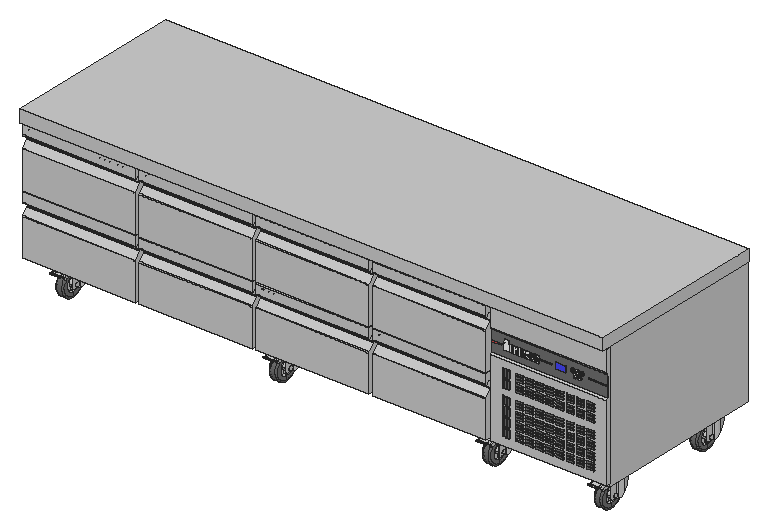
Revit family "QF_INOMAK_PWDP7777_250528083448", category Specialty Equipment, Revit 2021 (continued)
Definition of nested family "QF_INOMAK_REF_COUNTERS_WORKTOPS_44427"
  Types (40, lengths in mm): name | Worktop without backsplash | Worktop with backsplash | Worktop type | Worktop thickness | Without worktop | Model | Length Actual | Description | Depth Actual
    WOWT-1345-600 | no | no | 1 | 46 | yes | "WOWT" | 1342 | "WITHOUT WORKTOP" | 600
    WOWT-1790-600 | no | no | 1 | 46 | yes | "WOWT" | 1792 | "WITHOUT WORKTOP" | 600
    WOWT-2240-600 | no | no | 1 | 46 | yes | "WOWT" | 2242 | "WITHOUT WORKTOP" | 600
    WTWA-1345-600 | no | yes | 2 | 46 | no | "WTWA" | 1342 | "WORKTOP WITH UPSTAND" | 600
    WTWA-1790-600 | no | yes | 2 | 46 | no | "WTWA" | 1792 | "WORKTOP WITH UPSTAND" | 600
    WTWA-2240-600 | no | yes | 2 | 46 | no | "WTWA" | 2242 | "WORKTOP WITH UPSTAND" | 600
    WTWT-1345-600 | yes | no | 3 | 46 | no | "WTWT" | 1342 | "STANDARD WORKTOP" | 600
    WTWT-1790-600 | yes | no | 3 | 46 | no | "WTWT" | 1792 | "STANDARD WORKTOP" | 600
    WTWT-2240-600 | yes | no | 3 | 46 | no | "WTWT" | 2242 | "STANDARD WORKTOP" | 600
    WOWT-1105-700 | no | no | 1 | 46 | yes | "WOWT" | 1103 | "WITHOUT WORKTOP" | 700
    WTWA-1105-700 | no | yes | 2 | 46 | no | "WTWA" | 1103 | "WORKTOP WITH UPSTAND" | 700
    WTWT-1105-700 | yes | no | 3 | 46 | no | "WTWT" | 1103 | "STANDARD WORKTOP" | 700
    WOWT-1545-700 | no | no | 1 | 46 | yes | "WOWT" | 1546 | "WITHOUT WORKTOP" | 700
    WOWT-1995-700 | no | no | 1 | 46 | yes | "WOWT" | 1996 | "WITHOUT WORKTOP" | 700
    WTWA-1545-700 | no | yes | 2 | 46 | no | "WTWA" | 1546 | "WORKTOP WITH UPSTAND" | 700
    WTWA-1995-700 | no | yes | 2 | 46 | no | "WTWA" | 1996 | "WORKTOP WITH UPSTAND" | 700
    WTWT-1545-700 | yes | no | 3 | 46 | no | "WTWT" | 1546 | "STANDARD WORKTOP" | 700
    WTWT-1995-700 | yes | no | 3 | 46 | no | "WTWT" | 1996 | "STANDARD WORKTOP" | 700
    WTWA-1105-600 | no | yes | 2 | 46 | no | "WTWA" | 1103 | "WORKTOP WITH UPSTAND" | 600
    WTWT-1105-600 | yes | no | 3 | 46 | no | "WTWT" | 1103 | "STANDARD WORKTOP" | 600
    WOWT-1105-600 | no | no | 1 | 46 | yes | "WOWT" | 1103 | "WITHOUT WORKTOP" | 600
    WOWT-1545-600 | no | no | 1 | 46 | yes | "WOWT" | 1546 | "WITHOUT WORKTOP" | 600
    WTWA-1545-600 | no | yes | 2 | 46 | no | "WTWA" | 1546 | "WORKTOP WITH UPSTAND" | 600
    WTWT-1545-600 | yes | no | 3 | 46 | no | "WTWT" | 1546 | "STANDARD WORKTOP" | 600
    WTWT-1995-600 | yes | no | 3 | 46 | no | "WTWT" | 1996 | "STANDARD WORKTOP" | 600
    WTWA-1995-600 | no | yes | 2 | 46 | no | "WTWA" | 1996 | "WORKTOP WITH UPSTAND" | 600
    WOWT-1995-600 | no | no | 1 | 46 | yes | "WOWT" | 1996 | "WITHOUT WORKTOP" | 600
  Reference planes
    plane 1 "Back": y = 0
    plane 2: z = 0
    plane 3 "Left": x = 0
    plane 4 "Right": x = 1546
    plane 5 "Front": y = -700
    plane 6 "Top": z = 46
    plane 7 "Backsplash thickness": y = -20
    plane 8 "Worktop bottom": z = 0
    plane 9 "Upright height": z = 106
    plane 10 "Center Left Right": x = 773
  Lines and regions (mm)
    reference lines
      curve 1: line (773, 0, 106) -> (773, -20, 106)
      curve 2: line (0, -700, 46) -> (1546, -700, 46)
      curve 3: line (1546, -700, 46) -> (1546, 0, 46)
      curve 4: line (0, -700, 46) -> (0, 0, 46)
      curve 5: line (0, 0, 46) -> (1546, 0, 46)
      curve 6: line (773, 0, 0) -> (773, -700, 0)
  Dimensions and locks
    "Length Actual": plane 3 "Left" to plane 4 "Right"
    "Depth Actual": plane 5 "Front" to plane 1 "Back"
    "Backsplash thickness": plane 7 "Backsplash thickness" to plane 1 "Back"
    "Worktop thickness": plane 6 "Top" to plane 8 "Worktop bottom"
    "Backsplash height": plane 9 "Upright height" to plane 6 "Top"
    "Backsplash height": curve 1 to plane 6 "Top"
    "Depth Actual": curve 2 to plane 1 "Back"
    "Length Actual": plane 3 "Left" to curve 3
    "Length Actual": curve 4 to plane 4 "Right"
    "Depth Actual": curve 5 to plane 5 "Front"
    equal spacing: plane 3 "Left", plane 10 "Center Left Right", plane 4 "Right"
    "Height AFF": plane 8 "Worktop bottom" to plane 2
    "Height AFF": curve 6 to plane 2
    aligned and locked: level to plane 2
    aligned and locked: plane 3 "Left" to nested 1
    aligned and locked: plane 1 "Back" to nested 1
  Automatic sketch dimensions
    curve 6 to plane 1 "Back" = 0 mm
    curve 1 to plane 1 "Back" = 0 mm
    curve 1 to plane 7 "Backsplash thickness" = 0 mm
    curve 6 to plane 5 "Front" = 0 mm
  Nested families
    nested 1: "Worktop" at (0, 0, 0), Length Actual <- "Length Actual", Depth Actual <- "Depth Actual", Height AFF <- "Height AFF", Worktop thickness <- "Worktop thickness", Backsplash thickness <- "Backsplash thickness", Backsplash height <- "Backsplash height", type "without backsplash"
      with Worktop thickness 46 mm, Length Actual 1546 mm, Height AFF 0 mm, Depth Actual 700 mm, Backsplash thickness 20 mm, Backsplash height 60 mm, Worktop without backsplash no, Worktop with backsplash yes
  Definition of nested family "Worktop"
    Parameters (values of type "with backsplash")
      Worktop without backsplash = no
      Worktop with backsplash = yes
      Worktop thickness [instance] = 40 mm
      Without worktop = no
      URL = ""
      Model = ""
      Manufacturer = ""
      Length Actual [instance] = 1200 mm
      Height AFF [instance] = 860 mm
      Finish = none
      Description = "TABLE WITH BACKSPLASH"
      Depth Actual [instance] = 700 mm
      Default Elevation = 0 mm
      Backsplash thickness [instance] = 20 mm
      Backsplash height [instance] = 100 mm
      Assembly Code = "E1090320"
    Types (3, lengths in mm): name | Worktop without backsplash | Worktop with backsplash | Without worktop
      with backsplash | no | yes | no
      without backsplash | yes | no | no
      without worktop | no | no | yes
    Reference planes
      plane 1 "Back": y = 0
      plane 2: z = 0
      plane 3 "Left": x = 0
      plane 4 "Right": x = 1200
      plane 5 "Front": y = -700
      plane 6 "Top": z = 900
      plane 7 "Backsplash thickness": y = -20
      plane 8 "Worktop bottom": z = 860
      plane 9 "Upright height": z = 1000
      plane 10 "Center Left Right": x = 600
    Forms (mm)
      Extrusion 1, solid, material <- "Finish", visible <- "Worktop with backsplash"
        sketch origin (0, 0, 0) x (0, 1, 0) y (0, 0, 1)
          loop
            line (0, 1000) -> (-20, 1000) -> (-20, 900) -> (-700, 900) -> (-700, 860) -> (0, 860) -> (0, 1000)
        from 0 to 1200
      Extrusion 2, solid, material <- "Finish", visible <- "Worktop without backsplash"
        sketch origin (0, 0, 0) x (0, 1, 0) y (0, 0, 1)
          loop
            line (0, 860) -> (0, 900) -> (-700, 900) -> (-700, 860) -> (0, 860)
        from 0 to 1200
    Lines and regions (mm)
      Masking region 1, visible <- "Worktop with backsplash"
        outline origin (0, 0, 900) x (0, 1, 0) y (-1, 0, 0)
          loop
            line (0, 0) -> (-700, 0) -> (-700, -1200) -> (0, -1200) -> (0, 0)
      Masking region 2, visible <- "Worktop without backsplash"
        outline origin (0, 0, 900) x (0, 1, 0) y (-1, 0, 0)
          loop
            line (0, 0) -> (-700, 0) -> (-700, -1200) -> (0, -1200) -> (0, 0)
      symbolic lines, visible <- "Worktop with backsplash"
        curve 1: line (0, 0, 0) -> (1200, 0, 0)
        curve 2: line (1200, 0, 0) -> (1200, -700, 0)
        curve 3: line (1200, -700, 0) -> (0, -700, 0)
        curve 4: line (0, -700, 0) -> (0, 0, 0)
        curve 5: line (0, -20, 0) -> (1200, -20, 0)
      symbolic lines, visible <- "Worktop without backsplash"
        curve 6: line (0, 0, 0) -> (1200, 0, 0)
        curve 7: line (1200, 0, 0) -> (1200, -700, 0)
        curve 8: line (1200, -700, 0) -> (0, -700, 0)
        curve 9: line (0, -700, 0) -> (0, 0, 0)
      symbolic lines, visible <- "Without worktop"
        curve 10: line (0, 0, 0) -> (1200, 0, 0)
        curve 11: line (1200, 0, 0) -> (1200, -700, 0)
        curve 12: line (1200, -700, 0) -> (0, -700, 0)
        curve 13: line (0, -700, 0) -> (0, 0, 0)
      reference lines
        curve 14: line (600, 0, 1000) -> (600, -20, 1000)
        curve 15: line (0, -700, 900) -> (1200, -700, 900)
        curve 16: line (1200, -700, 900) -> (1200, 0, 900)
        curve 17: line (0, -700, 900) -> (0, 0, 900)
        curve 18: line (0, 0, 900) -> (1200, 0, 900)
        curve 19: line (600, 0, 860) -> (600, -700, 860)
    Dimensions and locks
      "Length Actual": plane 3 "Left" to plane 4 "Right"
      "Depth Actual": plane 5 "Front" to plane 1 "Back"
      "Backsplash thickness": plane 7 "Backsplash thickness" to plane 1 "Back"
      "Worktop thickness": plane 6 "Top" to plane 8 "Worktop bottom"
      "Backsplash height": plane 9 "Upright height" to plane 6 "Top"
      "Backsplash height": curve 14 to plane 6 "Top"
      "Depth Actual": curve 15 to plane 1 "Back"
      "Length Actual": plane 3 "Left" to curve 16
      "Length Actual": curve 17 to plane 4 "Right"
      "Depth Actual": curve 18 to plane 5 "Front"
      equal spacing: plane 3 "Left", plane 10 "Center Left Right", plane 4 "Right"
      "Height AFF": plane 8 "Worktop bottom" to plane 2
      "Height AFF": curve 19 to plane 2
      aligned and locked: level to plane 2
      aligned and locked: Extrusion 1 to plane 4 "Right"
      aligned and locked: Extrusion 1 sketch curve to plane 7 "Backsplash thickness"
      aligned and locked: curve 5 to plane 7 "Backsplash thickness"
      aligned and locked: Extrusion 1 sketch curve to plane 8 "Worktop bottom"
      aligned and locked: plane 9 "Upright height" to Extrusion 1 sketch curve
      aligned and locked: plane 6 "Top" to Extrusion 1 sketch curve
      aligned and locked: plane 6 "Top" to Extrusion 2 sketch curve
      aligned and locked: Extrusion 2 sketch curve to plane 1 "Back"
      aligned and locked: Extrusion 2 sketch curve to plane 8 "Worktop bottom"
      aligned and locked: Extrusion 2 sketch curve to plane 5 "Front"
      aligned and locked: Extrusion 2 to plane 4 "Right"
      aligned and locked: Masking region 1 sketch curve to Extrusion 1  (x4)
      aligned and locked: Masking region 2 sketch curve to Extrusion 1  (x4)
    Automatic sketch dimensions
      plane 1 "Back" to curve 1 = 0 mm
      curve 13 to plane 3 "Left" = 0 mm
      curve 7 to plane 4 "Right" = 0 mm
      curve 13 to plane 5 "Front" = 0 mm
      Extrusion 1 sketch curve to plane 1 "Back" = 0 mm
      Extrusion 1 sketch curve to plane 5 "Front" = 0 mm
      curve 19 to plane 1 "Back" = 0 mm
      curve 14 to plane 1 "Back" = 0 mm
      curve 14 to plane 7 "Backsplash thickness" = 0 mm
      curve 19 to plane 5 "Front" = 0 mm
      curve 16 to plane 5 "Front" = 0 mm
      curve 17 to plane 5 "Front" = 0 mm
      plane 1 "Back" to curve 17 = 0 mm
      plane 1 "Back" to curve 16 = 0 mm
      curve 15 to plane 4 "Right" = 0 mm
      curve 18 to plane 4 "Right" = 0 mm
      curve 18 to plane 3 "Left" = 0 mm
      curve 15 to plane 3 "Left" = 0 mm
Definition of nested family "QF_INOMAK_REF_COUNTERS_CASTORS_46256"
  Parameters (values of type "CT-2240-600")
    Weight [instance] = 0.00 kg
    Warranty Start Date [instance] = ""
    Warranty Duration [instance] = ""
    URL Cutsheet [instance] = ""
    URL = "www.inomak.com"
    Technical Documentation [instance] = ""
    Tag Number [instance] = ""
    Status [instance] = ""
    Specification by User [instance] = ""
    Specification by Manufacturer [instance] = ""
    Sound Level [instance] = ""
    Solid Fuel Type [instance] = ""
    Show Logo [instance] = yes
    Show Clearances [instance] = yes
    Service Life Duration [instance] = ""
    Serial Number [instance] = ""
    Seismic Rating [instance] = ""
    SMACNA No [instance] = ""
    Right offset = 70 mm
    Revision Code [instance] = ""
    Revision [instance] = ""
    Rear offset = 90 mm
    Production Year [instance] = ""
    Point Load [instance] = 0
    Other Equipment Approvals [instance] = ""
    NAFEM Spec ID Number [instance] = ""
    Model Warning [instance] = ""
    Model = "CT"
    Masterspec [instance] = ""
    Manufacturer = "INOMAK"
    Length Actual [instance] = 0 mm
    Length = 2242 mm
    Left offset = 100 mm
    Item Number [instance] = ""
    Installed By [instance] = ""
    Installation Date [instance] = ""
    Identify Quantity as Lot [instance] = yes
    ID [instance] = ""
    Hygiene Approval [instance] = ""
    Height Actual [instance] = 0 mm
    Height = 130 mm
    Furnished By [instance] = ""
    Front offset = 150 mm
    Foodservice Equipment Identifier [instance] = yes
    ETL Approved [instance] = yes
    Description = "WHEELS"
    Depth Actual [instance] = 0 mm
    Depth = 600 mm
    Default Elevation = 0 mm
    CentralLegs = if(Length > 2000 mm, 2 > 1, 2 < 1)  # yes
    CSI MasterFormat [instance] = ""
    CE Approved [instance] = yes
    Barcode [instance] = ""
    Author [instance] = ""
    Asset Identifier [instance] = ""
    Assembly Code = "E1090320"
    Accessory [instance] = yes
  Types (6, lengths in mm): name | Length | Depth | CentralLegs
    CT-2240-700 | 2242 | 700 | yes
    CT-1790-700 | 1792 | 700 | no
    CT-1345-700 | 1342 | 700 | no
    CT-1345-600 | 1342 | 600 | no
    CT-1790-600 | 1792 | 600 | no
    CT-2240-600 | 2242 | 600 | yes
  Reference planes
    plane 1 "Back": y = 0
    plane 2: z = 0
    plane 3 "Left": x = 0
    plane 4 "Right": x = 2242
    plane 5 "Front": y = -600
    plane 6 "Top": z = 130
    plane 7 "Left offset": x = 100
    plane 8 "Right offset": x = 2172
    plane 9 "Rear offset": y = -90
    plane 10 "Front offset": y = -450
    plane 11 "Central": x = 921
    plane 12: x = 1742
  Dimensions and locks
    "Length": plane 3 "Left" to plane 4 "Right"
    "Depth": plane 5 "Front" to plane 1 "Back"
    "Left offset": plane 3 "Left" to plane 7 "Left offset"
    "Right offset": plane 8 "Right offset" to plane 4 "Right"
    "Rear offset": plane 9 "Rear offset" to plane 1 "Back"
    "Front offset": plane 10 "Front offset" to plane 5 "Front"
    equal spacing: plane 7 "Left offset", plane 11 "Central", plane 12
    locked: plane 12 to plane 8 "Right offset" at 430
    plane 6 "Top" to level = 130 mm
    aligned and locked: level to plane 2
    aligned and locked: nested 1 to plane 7 "Left offset"
    aligned and locked: nested 1 to plane 10 "Front offset"
    aligned and locked: nested 2 to plane 11 "Central"
    aligned and locked: nested 2 to plane 10 "Front offset"
    aligned and locked: nested 3 to plane 12
    aligned and locked: nested 3 to plane 10 "Front offset"
    aligned and locked: nested 4 to plane 8 "Right offset"
    aligned and locked: nested 4 to plane 10 "Front offset"
    aligned and locked: nested 5 to plane 7 "Left offset"
    aligned and locked: nested 5 to plane 9 "Rear offset"
    aligned and locked: nested 6 to plane 12
    aligned and locked: nested 6 to plane 9 "Rear offset"
    aligned and locked: nested 7 to plane 8 "Right offset"
    aligned and locked: nested 7 to plane 9 "Rear offset"
  Nested families
    nested 1: "QF_INOMAK_CASTOR_BRAKES" at (100, -450, 0), type "QF_INOMAK_CASTOR_BRAKES"
    nested 2: "QF_INOMAK_CASTOR_BRAKES" at (921, -450, 0), visible <- "CentralLegs", type "QF_INOMAK_CASTOR_BRAKES"
    nested 3: "QF_INOMAK_CASTOR_BRAKES" at (1742, -450, 0), type "QF_INOMAK_CASTOR_BRAKES"
    nested 4: "QF_INOMAK_CASTOR_BRAKES" at (2172, -450, 0), type "QF_INOMAK_CASTOR_BRAKES"
    nested 5: "QF_INOMAK_CASTOR" at (100, -90, 0), type "QF_INOMAK_CASTOR"
    nested 6: "QF_INOMAK_CASTOR" at (1742, -90, 0), type "QF_INOMAK_CASTOR"
    nested 7: "QF_INOMAK_CASTOR" at (2172, -90, 0), type "QF_INOMAK_CASTOR"
  Definition of nested family "QF_INOMAK_CASTOR_BRAKES"
    Parameters (values of type "QF_INOMAK_CASTOR_BRAKES")
      Default Elevation = 0 mm
    Reference planes
      plane 1 "Center (Front/Back)": y = 0
      plane 2: z = 0
      plane 3 "Center (Left/Right)": x = 0
    Forms (mm)
      Extrusion 1, solid
        sketch origin (-55, 171.5, 124.5) x (1, 0, 0) y (0, 1, 0)
          loop
            line (12.5, -214) -> (97.5, -214)
            arc (97.5, -214) -> (104.571, -211.071) -> (107.5, -204) r 10
            line (107.5, -204) -> (107.5, -139)
            arc (107.5, -139) -> (104.571, -131.929) -> (97.5, -129) r 10
            line (97.5, -129) -> (12.5, -129)
            arc (12.5, -129) -> (5.429, -131.929) -> (2.5, -139) r 10
            line (2.5, -139) -> (2.5, -204)
            arc (2.5, -204) -> (5.429, -211.071) -> (12.5, -214) r 10
        from 0 to 5.5
      Extrusion 2, solid
        sketch origin (-55, 146, 24.5) x (1, 0, 0) y (0, 1, 0)
          loop
            circle (55, -146) r 36
          loop
            circle (55, -146) r 34
        from 12 to 100
      Extrusion 3, void
        sketch origin (-37.5, 146, -28.526) x (0, 1, 0) y (0, 0, 1)
          loop
            line (-105, 63.026) -> (-105, 139.692) -> (-158.75, 68.026)
            arc (-158.75, 68.026) -> (-160.956, 66.036) -> (-163.75, 65.026) r 7.727
            line (-163.75, 65.026) -> (-175, 65.026) -> (-175, 136.026) -> (-182, 136.026) -> (-182, 63.026) -> (-105, 63.026)
        from 0 to 75
      Revolve 4, solid
        sketch origin (0, -37.5, -3.552) x (1, 0, 0) y (0, 0, 1)
          loop
            arc (10, 3.552) -> (13.536, 5.016) -> (15, 8.552) r 5
            line (15, 8.552) -> (15, 22.052) -> (-15, 22.052) -> (-15, 8.552)
            arc (-15, 8.552) -> (-13.536, 5.016) -> (-10, 3.552) r 5
            line (-10, 3.552) -> (10, 3.552)
          axis (-15, 53.552) -> (15, 53.552)
        angle from 0 to 360
      Extrusion 5, solid
        sketch origin (-21.466, 171.5, -31.526) x (0, 1, 0) y (0, 0, 1)
          loop
            line (-200.5, 68.026) -> (-200.5, 139.026) -> (-222.5, 139.026) -> (-267.507, 126.05)
            arc (-267.507, 126.05) -> (-264.51, 121.7) -> (-259.5, 120.026) r 8.333
            line (-259.5, 120.026) -> (-224.5, 120.026) -> (-224.5, 76.026)
            arc (-224.5, 76.026) -> (-222.157, 70.369) -> (-216.5, 68.026) r 8
            line (-216.5, 68.026) -> (-200.5, 68.026)
        from -3.534 to -1.534
      Extrusion 6, solid
        sketch origin (-34, 171.5, -14) x (0, 1, 0) y (0, 0, 1)
          loop
            circle (-209, 64) r 12.5
        from 11 to 57
      Revolve 7, solid
        sketch origin (-55, -37.5, -3.552) x (1, 0, 0) y (0, 0, 1)
          loop
            arc (65, 22.052) -> (61.464, 23.516) -> (60, 27.052) r 5
            line (60, 27.052) -> (60, 53.526) -> (50, 53.526) -> (50, 27.052)
            arc (50, 27.052) -> (48.536, 23.516) -> (45, 22.052) r 5
            line (45, 22.052) -> (65, 22.052)
          axis (45, 53.526) -> (65, 53.526)
        angle from 0 to 360
      Extrusion 8, solid
        sketch origin (21.466, 171.5, -31.526) x (0, 1, 0) y (0, 0, -1)
          loop
            line (-200.5, -68.026) -> (-216.5, -68.026)
            arc (-216.5, -68.026) -> (-222.157, -70.369) -> (-224.5, -76.026) r 8
            line (-224.5, -76.026) -> (-224.5, -120.026) -> (-259.5, -120.026)
            arc (-259.5, -120.026) -> (-264.51, -121.7) -> (-267.507, -126.05) r 8.333
            line (-267.507, -126.05) -> (-222.5, -139.026) -> (-200.5, -139.026) -> (-200.5, -68.026)
        from -3.534 to -1.534
      Extrusion 9, solid
        sketch origin (250, -359.196, -27.974) x (1, 0, 0) y (0, 1, 0)
          loop
            line (-275, 330.196) -> (-273, 330.196)
            arc (-273, 330.196) -> (-273.274, 332.754) -> (-274.083, 335.196) r 12.082
            line (-274.083, 335.196) -> (-276.833, 335.196)
            arc (-276.833, 335.196) -> (-275.473, 332.858) -> (-275, 330.196) r 7.737
        from 64.474 to 135.474
      Extrusion 10, solid
        sketch origin (-250, -359.196, -27.974) x (-1, 0, 0) y (0, -1, 0)
          loop
            arc (-275, -330.196) -> (-275.473, -332.858) -> (-276.833, -335.196) r 7.737
            line (-276.833, -335.196) -> (-274.083, -335.196)
            arc (-274.083, -335.196) -> (-273.274, -332.754) -> (-273, -330.196) r 12.082
            line (-273, -330.196) -> (-275, -330.196)
        from 64.474 to 135.474
      Sweep 11, solid
        path origin (0, -359.196, -27.974) x (0, 1, 0) y (0, 0, 1)
          loop
            line (338.196, 135.474) -> (308.196, 135.474) -> (263.189, 122.499)
        profile origin (0, -36, 107.5) x (0, 0, -1) y (1, 0, 0)
          loop
            arc (-4, -21) -> (-2.828, -23.828) -> (0, -25) r 4
            line (0, -25) -> (0, -23)
            arc (0, -23) -> (-1.414, -22.414) -> (-2, -21) r 2
            line (-2, -21) -> (-2, 21)
            arc (-2, 21) -> (-1.414, 22.414) -> (0, 23) r 2
            line (0, 23) -> (0, 25)
            arc (0, 25) -> (-2.828, 23.828) -> (-4, 21) r 4
            line (-4, 21) -> (-4, -21)
      Extrusion 12, solid
        sketch origin (-15, -620.032, 471.611) x (1, 0, 0) y (0, 0.809942, -0.58651)
          loop
            line (0, 640.696) -> (0, 622.696) -> (6, 617.696) -> (24, 617.696) -> (30, 622.696) -> (30, 640.696) -> (0, 640.696)
        from 0 to 2
      Extrusion 13, solid
        sketch origin (-10, -688.801, 95.837) x (0, 1, 0) y (0, 0, 1)
          loop
            line (587.696, 0) -> (592.196, -3.259)
            arc (592.196, -3.259) -> (593.446, -3.664) -> (594.696, -3.259) r 2.131
            line (594.696, -3.259) -> (604.172, 4.031) -> (598.943, 2.532) -> (594.631, -0.785)
            arc (594.631, -0.785) -> (593.44, -1.2) -> (592.238, -0.82) r 2
            line (592.238, -0.82) -> (588.869, 1.62) -> (587.696, 0)
        from 0 to 20
      Extrusion 14, solid
        sketch origin (-31, -958.08, 50) x (0, 1, 0) y (0, 0, 1)
          loop
            line (924.33, -6.495) -> (928.08, 0) -> (924.33, 6.495) -> (916.83, 6.495) -> (913.08, 0) -> (916.83, -6.495) -> (924.33, -6.495)
        from 0 to 62
    Cuts and joins
      Extrusion 3 cuts Extrusion 2
      Extrusion 3 cuts Extrusion 9
      Extrusion 3 cuts Extrusion 10
    Dimensions and locks
      aligned and locked: level to plane 2
  Definition of nested family "QF_INOMAK_CASTOR"
    Parameters (values of type "QF_INOMAK_CASTOR")
      Default Elevation = 0 mm
    Reference planes
      plane 1 "Center (Front/Back)": y = 0
      plane 2: z = 0
      plane 3 "Center (Left/Right)": x = 0
    Forms (mm)
      Extrusion 1, solid
        sketch origin (-55, 171.5, 124.5) x (1, 0, 0) y (0, 1, 0)
          loop
            line (12.5, -214) -> (97.5, -214)
            arc (97.5, -214) -> (104.571, -211.071) -> (107.5, -204) r 10
            line (107.5, -204) -> (107.5, -139)
            arc (107.5, -139) -> (104.571, -131.929) -> (97.5, -129) r 10
            line (97.5, -129) -> (12.5, -129)
            arc (12.5, -129) -> (5.429, -131.929) -> (2.5, -139) r 10
            line (2.5, -139) -> (2.5, -204)
            arc (2.5, -204) -> (5.429, -211.071) -> (12.5, -214) r 10
        from 0 to 5.5
      Extrusion 2, solid
        sketch origin (-55, 146, 24.5) x (1, 0, 0) y (0, 1, 0)
          loop
            circle (55, -146) r 36
          loop
            circle (55, -146) r 34
        from 12 to 100
      Extrusion 3, void
        sketch origin (-37.5, 146, -28.526) x (0, 1, 0) y (0, 0, 1)
          loop
            line (-105, 63.026) -> (-105, 139.692) -> (-158.75, 68.026)
            arc (-158.75, 68.026) -> (-160.956, 66.036) -> (-163.75, 65.026) r 7.727
            line (-163.75, 65.026) -> (-175, 65.026) -> (-175, 136.026) -> (-182, 136.026) -> (-182, 63.026) -> (-105, 63.026)
        from 0 to 75
      Revolve 4, solid
        sketch origin (0, -37.5, -3.552) x (1, 0, 0) y (0, 0, 1)
          loop
            arc (10, 3.552) -> (13.536, 5.016) -> (15, 8.552) r 5
            line (15, 8.552) -> (15, 22.052) -> (-15, 22.052) -> (-15, 8.552)
            arc (-15, 8.552) -> (-13.536, 5.016) -> (-10, 3.552) r 5
            line (-10, 3.552) -> (10, 3.552)
          axis (-15, 53.552) -> (15, 53.552)
        angle from 0 to 360
      Extrusion 5, solid
        sketch origin (-21.466, 171.5, -31.526) x (0, 1, 0) y (0, 0, 1)
          loop
            line (-200.5, 68.026) -> (-200.5, 139.026) -> (-224.5, 139.026) -> (-224.5, 76.026)
            arc (-224.5, 76.026) -> (-222.157, 70.369) -> (-216.5, 68.026) r 8
            line (-216.5, 68.026) -> (-200.5, 68.026)
        from -3.534 to -1.534
      Extrusion 6, solid
        sketch origin (-34, 171.5, -14) x (0, 1, 0) y (0, 0, 1)
          loop
            circle (-209, 64) r 12.5
        from 11 to 57
      Revolve 7, solid
        sketch origin (-55, -37.5, -3.552) x (1, 0, 0) y (0, 0, 1)
          loop
            arc (65, 22.052) -> (61.464, 23.516) -> (60, 27.052) r 5
            line (60, 27.052) -> (60, 53.526) -> (50, 53.526) -> (50, 27.052)
            arc (50, 27.052) -> (48.536, 23.516) -> (45, 22.052) r 5
            line (45, 22.052) -> (65, 22.052)
          axis (45, 53.526) -> (65, 53.526)
        angle from 0 to 360
      Extrusion 8, solid
        sketch origin (21.466, 171.5, -31.526) x (0, 1, 0) y (0, 0, -1)
          loop
            line (-200.5, -68.026) -> (-216.5, -68.026)
            arc (-216.5, -68.026) -> (-222.157, -70.369) -> (-224.5, -76.026) r 8
            line (-224.5, -76.026) -> (-224.5, -139.026) -> (-200.5, -139.026) -> (-200.5, -68.026)
        from -3.534 to -1.534
      Extrusion 9, solid
        sketch origin (250, -359.196, -27.974) x (1, 0, 0) y (0, 1, 0)
          loop
            line (-275, 330.196) -> (-273, 330.196)
            arc (-273, 330.196) -> (-273.274, 332.754) -> (-274.083, 335.196) r 12.082
            line (-274.083, 335.196) -> (-276.833, 335.196)
            arc (-276.833, 335.196) -> (-275.473, 332.858) -> (-275, 330.196) r 7.737
        from 64.474 to 135.474
      Extrusion 10, solid
        sketch origin (-250, -359.196, -27.974) x (-1, 0, 0) y (0, -1, 0)
          loop
            arc (-275, -330.196) -> (-275.473, -332.858) -> (-276.833, -335.196) r 7.737
            line (-276.833, -335.196) -> (-274.083, -335.196)
            arc (-274.083, -335.196) -> (-273.274, -332.754) -> (-273, -330.196) r 12.082
            line (-273, -330.196) -> (-275, -330.196)
        from 64.474 to 135.474
      Sweep 11, solid
        path origin (0, -359.196, -27.974) x (0, 1, 0) y (0, 0, 1)
          loop
            line (338.196, 135.474) -> (306.196, 135.474)
        profile origin (0, -37, 107.5) x (0, 0, -1) y (1, 0, 0)
          loop
            arc (-4, -21) -> (-2.828, -23.828) -> (0, -25) r 4
            line (0, -25) -> (0, -23)
            arc (0, -23) -> (-1.414, -22.414) -> (-2, -21) r 2
            line (-2, -21) -> (-2, 21)
            arc (-2, 21) -> (-1.414, 22.414) -> (0, 23) r 2
            line (0, 23) -> (0, 25)
            arc (0, 25) -> (-2.828, 23.828) -> (-4, 21) r 4
            line (-4, 21) -> (-4, -21)
      Extrusion 12, solid
        sketch origin (-31, -958.08, 50) x (0, 1, 0) y (0, 0, 1)
          loop
            line (924.33, -6.495) -> (928.08, 0) -> (924.33, 6.495) -> (916.83, 6.495) -> (913.08, 0) -> (916.83, -6.495) -> (924.33, -6.495)
        from 0 to 62
    Cuts and joins
      Extrusion 3 cuts Extrusion 2
      Extrusion 3 cuts Extrusion 9
      Extrusion 3 cuts Extrusion 10
    Dimensions and locks
      aligned and locked: level to plane 2
Definition of nested family "CONN_POINT_ELE_2D___Generic_Annotation"
  Parameters (values of type "CONN_POINT_ELE_2D___Generic_Annotation")
    Onboard connection annotation symbol visibility [instance] = yes
  Reference planes
    plane 1: y = 0
    plane 2: x = 0
  Lines and regions (mm)
    detail lines, visible <- "Onboard connection annotation symbol visibility"
      curve 1: circle (0, 0, 0) r 0.5 normal (0, 0, 1)
      curve 2: line (-1, 0, 0) -> (1, 0, 0)
      curve 3: line (0, 1, 0) -> (0, -1, 0)
      curve 4: line (2.5, 1, 0) -> (1.25, 1, 0)
      curve 5: line (1.25, 1, 0) -> (1.25, -1, 0)
      curve 6: line (1.25, -1, 0) -> (2.5, -1, 0)
      curve 7: line (1.25, 0, 0) -> (2, 0, 0)
